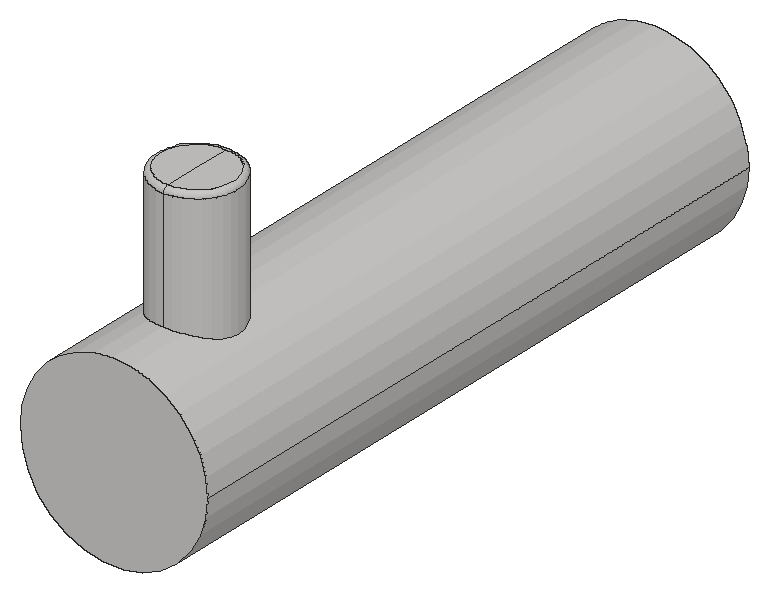
Revit family "rba-bim-rba1622-124", category Plumbing Fixtures, Revit 2018
Family settings
  Round Connector Dimension = Use Diameter
  Part Type = Normal
  Work Plane-Based = No
  Always vertical = Yes
  Cut with Voids When Loaded = No
  Shared = Yes
  Room Calculation Point = No
Parameters (values of type "RBA1622-124")
  Watermarked By = "www.rba.com.au"
  Waste Connection = yes
  Vent Connection = yes
  URL = "www.rba.com.au"
  Phone Number = ""
  Modified Issue = "20210518.01"
  Model = "RBA1622-124"
  Materials and Finishes = Bright Stainless Steel
  Manufacturer Model = ""
  Manufacturer = "RBA Group"  # constant formula
  HW Connection = yes
  Description = "ënda Robe Hook #4, Bright"
  Copyright by = "RBA Group"  # constant formula
  CW Connection = yes
Reference planes
  plane 1 "Center (Front/Back)": y = 0
  plane 2: z = 0
  plane 3 "Center (Left/Right)": x = 0
  plane 4: z = 0
  plane 5: y = -65
  plane 6: y = -59
  plane 7: x = -3.25
  plane 8: x = 3.25
  plane 9: x = 9
  plane 10: x = 7
Forms (mm)
  Extrusion 1, void
    sketch origin (0, -6.5, 0) x (1, 0, 0) y (0, 1, 0)
      loop
        circle (0, 0) r 1.5
    from -0.755 to 2.5
  Revolve 2, solid, material "Bright Stainless Steel" <- "Materials and Finishes"
    sketch origin (0, 0, 0) x (0, 1, 0) y (0, 0, 1)
      loop
        line (-55, 30) -> (-55, 9) -> (-51, 9) -> (-51, 29.5)
        arc (-51, 29.5) -> (-51.146, 29.854) -> (-51.5, 30) r 0.5
        line (-51.5, 30) -> (-55, 30)
      axis (-55, 9) -> (-55, 30)
    angle from 0 to 360
  Extrusion 3, void
    sketch origin (0, 0, 0) x (1, 0, 0) y (0, 0, 1)
      loop
        circle (-3.25, 9) r 1.5
      loop
        circle (3.25, 9) r 1.5
    from 0 to 2
  Extrusion 4, solid, material "Bright Stainless Steel" <- "Materials and Finishes"
    sketch origin (0, 0, 0) x (1, 0, 0) y (0, 0, 1)
      loop
        circle (0, 9) r 9
    from 0 to 65
Cuts and joins
  Extrusion 1, Extrusion 3 cuts Extrusion 4
  joined: Revolve 2, Extrusion 4
Dimensions and locks
  aligned and locked: plane 2 to level
